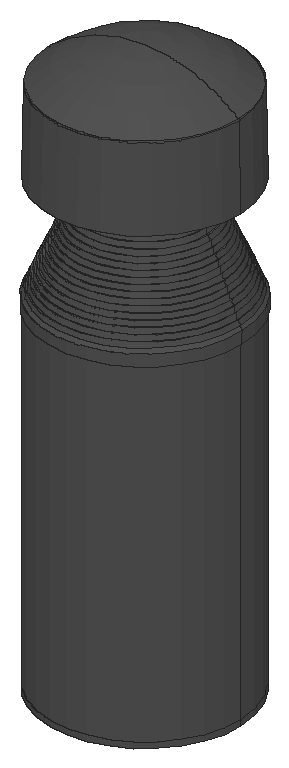
Revit family "0047940 Sylvania Lighting Fixture START Bollard M IP65 1100lm 830 BLK", category Lighting Fixtures, host Face, Revit 2016
Family settings
  Host = Face
  Part Type = Normal
  Round Connector Dimension = Use Diameter
  OmniClass Number = 23.80.70.00
  OmniClass Title = Lighting
  Cut with Voids When Loaded = No
  Light Source = Yes
  Shared = No
  Room Calculation Point = No
Parameters (values of type "0047940 ST BLLRD M IP65 1100LM 830 BLK")
  Weight = "5.5 kg"
  Wattage Comments = ""
  Wattage = 25.46 W
  WarrantyStartDate [instance] = "n/a"
  WarrantyGuarantorParts = "n/a"
  WarrantyDurationUnit = "n/a"
  WarrantyDurationParts = "n/a"
  WarrantyDescription = "n/a"
  built-in parameter 1150110 = 1 (stored number, unit not read)
  Voltage = 0 V
  URL = "http://www.sylvania-lighting.com"
  TypeName = "START Bollard M IP65 1100lm 830 BLK"
  Type Image = <None>
  Type Comments = "n/a"
  built-in parameter 1114217 = 1 (stored number, unit not read)
  Tilt Angle = 90.00°
  built-in parameter 1150109 = 1 (stored number, unit not read)
  built-in parameter 1150134 = (empty or 0)
  built-in parameter 1150113 = 1 (stored number, unit not read)
  SerialNumber [instance] = "n/a"
  Photometric Web File = "0047940.ies"
  Material_3_FEILO = none
  PowerFactor = 0
  PowerConsumption = "25.46 W"
  NominalLength = 168 mm
  NominalHeight = 500 mm
  NominalDepth = 168 mm
  Name = "START Bollard M IP65 1100lm 830 BLK"
  ModelReference = Name  # "START Bollard M IP65 1100lm 830 BLK"
  ModelNumber = "0047940"
  Model = Name  # "START Bollard M IP65 1100lm 830 BLK"
  Material = "n/a"
  ManufacturerName = "Feilo Sylvania"
  Manufacturer = "Feilo Sylvania"
  LuminousEfficacy = "43.25 lm/W"
  built-in parameter 1150105 = 327.4 (stored number, unit not read)
  Lumens = 1101.15 lm
  LuminaireType = ""
  built-in parameter 1150115 = 1 (stored number, unit not read)
  LightOutputRatio = "n/a"
  built-in parameter 1150137 = (empty or 0)
  built-in parameter 1150139 = (empty or 0)
  LampsType = Lamp  # "LED"
  LampNominalLuminous = "n/a"
  LampMacAdamStep = "n/a"
  LampColourTemperature = "3000 K"
  LampColourRenderingIndex = "80"
  built-in parameter 1150112 = 1 (stored number, unit not read)
  built-in parameter 1150114 = 1 (stored number, unit not read)
  Lamp = "LED"
  Keynote = "16500"
  InstallationDate [instance] = "n/a"
  InputVoltage = "220-240V~"
  InputNominalFrequency = "50/60 Hz"
  built-in parameter 1150132 = (empty or 0)
  built-in parameter 1150102 = (empty or 0)
  built-in parameter 1150107 = 3000 (stored number, unit not read)
  built-in parameter 1150138 = (empty or 0)
  IngressProtection = "IK10"
  ImpactProtectionIndex = "IP65"
  built-in parameter 1150106 = 3.274 (stored number, unit not read)
  IfcExportType = "IfcLightFixtureType"
  IfcExportAs = "IfcLightFixtureType"
  Height_SYL = 500 mm
  ExpectedLife = 50000
  built-in parameter 1150129 = 120 mm
  Emit Shape Visible in Rendering = no
  ElectricShockClassification = "Class I"
  built-in parameter 1150104 = 4.0181 (stored number, unit not read)
  DurationUnit = "hours"
  DocumentationLiterature = "http://www.sylvania-lighting.com/product/en-int/products/0047940"
  DimmingControlOptions = "Non dimmable"
  Material_2_FEILO = Diffuser-Sylvania-StartBollardIP65
  Dimming Lamp Color Temperature Shift = <None>
  Description = "0"
  Default Elevation = 1219.2 mm
  CreatedOn = "9/20/2018"
  CreatedBy = "@sylvania-lighting.com"
  Cost = 0
  Color Filter = 16777215
  built-in parameter 1114216 [instance] = (empty or 0)
  ClassificationValue = "EF_70_80"
  ClassificationName = "Uniclass2015"
  Material_1_FEILO = Body-Sylvania-StartBollardIP65
  BarCode [instance] = "n/a"
  built-in parameter 1114218 = 1 (stored number, unit not read)
  Emit from Circle Diameter = 3048 mm
  AssetType = "Fixed"
  AssetIdentifier [instance] = "n/a"
  Assembly Code = "D5020200"
  Apparent Load = 25.46 VA
  Material_4_FEILO = none
Reference planes
  plane 1 "Center (Front/Back)": y = 0
  plane 2: z = 0
  plane 3 "Center (Left/Right)": x = 0
  plane 4: z = 5
  plane 5: x = -83.65
  plane 6: z = 500
  plane 7: z = 297
  plane 8: z = 307
  plane 9: x = -84.5
  plane 10: z = 310.3
  plane 11: x = -82.2
  plane 12: z = 314.7
  plane 13: z = 319.1
  plane 14: z = 323.5
  plane 15: z = 327.9
  plane 16: z = 332.3
  plane 17: z = 336.7
  plane 18: z = 341.1
  plane 19: z = 345.5
  plane 20: z = 349.9
  plane 21: z = 354.3
  plane 22: z = 358.7
  plane 23: z = 363.1
  plane 24: z = 367.5
  plane 25: z = 371.9
  plane 26: z = 376.3
  plane 27: z = 380.7
  plane 28: z = 385.1
  plane 29: z = 389.5
  plane 30: z = 393.9
  plane 31: z = 398.3
  plane 32: x = -81.2
  plane 33: x = -80.2
  plane 34: x = -79.2
  plane 35: x = -78.2
  plane 36: x = -77.2
  plane 37: x = -76.2
  plane 38: x = -75.2
  plane 39: x = -74.2
  plane 40: x = -73.2
  plane 41: x = -72.2
  plane 42: x = -71.2
  plane 43: x = -70.2
  plane 44: x = -69.2
  plane 45: x = -68.2
  plane 46: x = -67.2
  plane 47: x = -66.2
  plane 48: x = -65.2
  plane 49: x = -64.2
  plane 50: x = -63.2
  plane 51: x = -62.2
  plane 52: x = -61.2
  plane 53: x = -60.2
  plane 54: x = -59.2
  plane 55: x = -58.2
  plane 56: x = -57.2
  plane 57: x = -56.2
  plane 58: x = -55.2
  plane 59: x = -54.2
  plane 60: x = -53.2
  plane 61: x = -52.2
  plane 62: x = -51.2
  plane 63: x = -50.2
  plane 64: x = -49.2
  plane 65: x = -48.2
  plane 66: x = -47.2
  plane 67: x = -46.2
  plane 68: x = -45.2
  plane 69: x = -44.2
  plane 70: x = -43.2
  plane 71: x = -42.2
  plane 72: z = 470
  plane 73: z = 470.85
  plane 74: z = 428.3
  plane 75: z = 401.3
Forms (mm)
  Revolve 1, solid, material "Body-Sylvania-StartBollardIP65" <- "Material_1_FEILO"
    sketch origin (0, 0, 0) x (1, 0, 0) y (0, 0, 1)
      loop
        line (0, 5) -> (-83.65, 5) -> (-83.65, 0) -> (0, 0) -> (0, 5)
      axis (0, 5) -> (0, 0)
    angle from 360 to 0
  Revolve 2, solid, material "Body-Sylvania-StartBollardIP65" <- "Material_1_FEILO"
    sketch origin (0, 0, 0) x (1, 0, 0) y (0, 0, 1)
      loop
        line (0, 5) -> (0, 307) -> (-84.5, 307) -> (-84.5, 297) -> (-83.65, 297) -> (-83.65, 5) -> (0, 5)
      axis (0, 307) -> (0, 5)
    angle from 360 to 0
  Revolve 3, solid, material "Body-Sylvania-StartBollardIP65" <- "Material_1_FEILO", detail levels medium+fine
    sketch origin (0, 0, 0) x (1, 0, 0) y (0, 0, 1)
      loop
        line (-84.5, 307) -> (0, 307) -> (0, 428.3) -> (-43.2, 428.3) -> (-43.2, 398.3) -> (-44.2, 393.9) -> (-45.2, 393.9) -> (-46.2, 389.5) -> (-47.2, 389.5) -> (-48.2, 385.1) -> (-49.2, 385.1) -> (-50.2, 380.7) -> (-51.2, 380.7) -> (-52.2, 376.3) -> (-53.2, 376.3) -> (-54.2, 371.9) -> (-55.2, 371.9) -> (-56.2, 367.5) -> (-57.2, 367.5) -> (-58.2, 363.1) -> (-59.2, 363.1) -> (-60.2, 358.7) -> (-61.2, 358.7) -> (-62.2, 354.3) -> (-63.2, 354.3) -> (-64.2, 349.9) -> (-65.2, 349.9) -> (-66.2, 345.5) -> (-67.2, 345.5) -> (-68.2, 341.1) -> (-69.2, 341.1) -> (-70.2, 336.7) -> (-71.2, 336.7) -> (-72.2, 332.3) -> (-73.2, 332.3) -> (-74.2, 327.9) -> (-75.2, 327.9) -> (-76.2, 323.5) -> (-77.2, 323.5) -> (-78.2, 319.1) -> (-79.2, 319.1) -> (-80.2, 314.7) -> (-81.2, 314.7) -> (-82.2, 310.3) -> (-84.5, 307)
      axis (0, 428.3) -> (0, 307)
    angle from 360 to 0
  Revolve 4, solid, material "Body-Sylvania-StartBollardIP65" <- "Material_1_FEILO"
    sketch origin (0, 0, 0) x (1, 0, 0) y (0, 0, 1)
      loop
        line (-83.65, 398.3) -> (-80.2, 398.3) -> (-80.2, 428.3) -> (0, 428.3) -> (0, 500)
        arc (0, 500) -> (-43.385, 492.494) -> (-81.727, 470.85) r 129.142
        arc (-81.727, 470.85) -> (-82.074, 470.486) -> (-82.2, 470) r 1
        line (-82.2, 470) -> (-83.65, 398.3)
      axis (0, 500) -> (0, 398.3)
    angle from 360 to 0
  Revolve 5, solid, material "Body-Sylvania-StartBollardIP65" <- "Material_1_FEILO", detail levels coarse
    sketch origin (0, 0, 0) x (1, 0, 0) y (0, 0, 1)
      loop
        line (0, 307) -> (0, 428.3) -> (-43.2, 428.3) -> (-43.2, 398.3) -> (-84.5, 307) -> (0, 307)
      axis (0, 428.3) -> (0, 307)
    angle from 360 to 0
  Revolve 6, solid, material "Diffuser-Sylvania-StartBollardIP65" <- "Material_2_FEILO"
    sketch origin (0, 0, 0) x (1, 0, 0) y (0, 0, 1)
      loop
        line (-80.2, 401.3) -> (-80.2, 398.3) -> (-43.2, 398.3) -> (-43.2, 401.3) -> (-80.2, 401.3)
      axis (0, 401.3) -> (0, 398.3)
    angle from 360 to 0
Dimensions and locks
  locked: plane 4 to plane 2 at 5
  plane 3 "Center (Left/Right)" to plane 5 = 83.65 mm
  "Height_SYL": plane 6 to plane 2
  locked: plane 3 "Center (Left/Right)" to plane 9 at 84.5
  plane 3 "Center (Left/Right)" to plane 11 = 82.2 mm
  locked: plane 11 to plane 9 at 2.3
  plane 10 to plane 8 to plane 7 = 3.3 mm locked, 10 mm locked
  plane 5 to plane 9 = 0.85 mm
  equal spacing: plane 31, plane 30, plane 29, plane 28, plane 27, plane 26, plane 25, plane 24, plane 23, plane 22, plane 21, plane 20, plane 19, plane 18, plane 17, plane 16, plane 15, plane 14, plane 13, plane 12, plane 10, locked at 4.4 each
  locked: plane 31 to plane 8 at 91.3
  equal spacing: plane 67, plane 66, plane 65, plane 64, plane 63, plane 62, plane 61, plane 60, plane 59, plane 58, plane 57, plane 56, plane 55, plane 54, plane 53, plane 52, plane 51, plane 50, plane 49, plane 48, plane 47, plane 46, plane 45, plane 44, plane 43, plane 42, plane 41, plane 40, plane 39, plane 38, plane 37, plane 36, plane 35, plane 34, plane 33, plane 32, plane 11
  equal spacing: plane 70, plane 69, plane 68, plane 67
  locked: plane 71 to plane 70 at 1
  locked: plane 67 to plane 11 at 36
  locked: plane 70 to plane 67 at 3
  locked: plane 6 to plane 72 at 30
  locked: plane 73 to plane 72 at 0.85
  locked: plane 74 to plane 31 at 30
  locked: plane 75 to plane 31 at 3
  locked: plane 6 to plane 7 at 203
  aligned and locked: plane 2 to host face
  aligned and locked: level to host face
  aligned and locked: Revolve 1 sketch curve to plane 3 "Center (Left/Right)"
  aligned and locked: plane 4 to Revolve 1 sketch curve
  aligned and locked: plane 3 "Center (Left/Right)" to Revolve 1 sketch curve
  aligned and locked: Revolve 1 sketch curve to level
  aligned and locked: Revolve 1 sketch curve to plane 5
  aligned and locked: Revolve 2 sketch curve to plane 3 "Center (Left/Right)"  (x2)
  aligned and locked: plane 3 "Center (Left/Right)" to Revolve 2 sketch curve
  aligned and locked: Revolve 2 sketch curve to Revolve 1  (x2)
  aligned and locked: plane 8 to Revolve 2 sketch curve
  aligned and locked: plane 9 to Revolve 2 sketch curve
  aligned and locked: Revolve 3 sketch curve to Revolve 2  (x2)
  aligned and locked: plane 11 to Revolve 3 sketch curve
  aligned and locked: plane 12 to Revolve 3 sketch curve
  aligned and locked: plane 34 to Revolve 3 sketch curve
  aligned and locked: Revolve 3 sketch curve to plane 13
  aligned and locked: plane 14 to Revolve 3 sketch curve
  aligned and locked: plane 15 to Revolve 3 sketch curve
  aligned and locked: plane 16 to Revolve 3 sketch curve
  aligned and locked: plane 41 to Revolve 3 sketch curve
  aligned and locked: plane 42 to Revolve 3 sketch curve
  aligned and locked: plane 43 to Revolve 3 sketch curve
  aligned and locked: Revolve 3 sketch curve to plane 17
  aligned and locked: plane 44 to Revolve 3 sketch curve
  aligned and locked: Revolve 3 sketch curve to plane 18
  aligned and locked: plane 19 to Revolve 3 sketch curve
  aligned and locked: plane 47 to Revolve 3 sketch curve
  aligned and locked: plane 48 to Revolve 3 sketch curve
  aligned and locked: plane 50 to Revolve 3 sketch curve
  aligned and locked: plane 51 to Revolve 3 sketch curve
  aligned and locked: plane 52 to Revolve 3 sketch curve
  aligned and locked: Revolve 3 sketch curve to plane 22
  aligned and locked: plane 23 to Revolve 3 sketch curve
  aligned and locked: plane 24 to Revolve 3 sketch curve
  aligned and locked: plane 25 to Revolve 3 sketch curve
  aligned and locked: plane 60 to Revolve 3 sketch curve
  aligned and locked: plane 61 to Revolve 3 sketch curve
  aligned and locked: Revolve 3 sketch curve to plane 26
  aligned and locked: plane 27 to Revolve 3 sketch curve
  aligned and locked: plane 64 to Revolve 3 sketch curve
  aligned and locked: plane 65 to Revolve 3 sketch curve
  aligned and locked: Revolve 3 sketch curve to plane 28
  aligned and locked: plane 66 to Revolve 3 sketch curve
  aligned and locked: plane 67 to Revolve 3 sketch curve
  aligned and locked: Revolve 3 sketch curve to plane 29
  aligned and locked: plane 30 to Revolve 3 sketch curve
  aligned and locked: plane 70 to Revolve 3 sketch curve
  aligned and locked: Revolve 2 to Revolve 3 sketch curve
  aligned and locked: Revolve 3 sketch curve to plane 3 "Center (Left/Right)"  (x2)
  aligned and locked: Revolve 4 sketch curve to plane 3 "Center (Left/Right)"  (x2)
  aligned and locked: plane 11 to Revolve 4 sketch curve
  aligned and locked: plane 73 to Revolve 4 sketch curve
  aligned and locked: Revolve 5 sketch curve to plane 3 "Center (Left/Right)"
  aligned and locked: plane 3 "Center (Left/Right)" to Revolve 5 sketch curve  (x2)
  aligned and locked: Revolve 5 sketch curve to Revolve 2  (x2)
  aligned and locked: plane 3 "Center (Left/Right)" to imposter light
  aligned and locked: plane 31 to imposter light
  aligned and locked: imposter light to plane 1 "Center (Front/Back)"
  aligned and locked: Revolve 3 sketch curve to plane 74
  aligned and locked: plane 74 to Revolve 5 sketch curve
  aligned and locked: Revolve 5 sketch curve to Revolve 3  (x2)
  aligned and locked: Revolve 4 sketch curve to plane 31
  aligned and locked: plane 33 to Revolve 4 sketch curve
  aligned and locked: Revolve 4 sketch curve to plane 74
  aligned and locked: Revolve 6 sketch curve to plane 3 "Center (Left/Right)"
  aligned and locked: Revolve 6 sketch curve to plane 75
  aligned and locked: plane 33 to Revolve 6 sketch curve
  aligned and locked: Revolve 6 sketch curve to Revolve 3  (x2)
Automatic sketch dimensions
  host sketch curve to host sketch curve = 2438.4 mm  (x2)
  Revolve 1 sketch curve to level = 609.6 mm
  plane 6 to Revolve 1 sketch curve = 1609.058 mm
  Revolve 2 sketch curve to plane 7 = 0 mm
  Revolve 2 sketch curve to level = 609.6 mm
  plane 6 to Revolve 2 sketch curve = 1609.058 mm
  Revolve 3 sketch curve to plane 32 = 0 mm
  Revolve 3 sketch curve to plane 33 = 0 mm
  Revolve 3 sketch curve to plane 35 = 0 mm
  Revolve 3 sketch curve to plane 36 = 0 mm
  Revolve 3 sketch curve to plane 37 = 0 mm
  Revolve 3 sketch curve to plane 38 = 0 mm
  Revolve 3 sketch curve to plane 39 = 0 mm
  Revolve 3 sketch curve to plane 40 = 0 mm
  Revolve 3 sketch curve to plane 45 = 0 mm
  Revolve 3 sketch curve to plane 46 = 0 mm
  Revolve 3 sketch curve to plane 20 = 0 mm
  Revolve 3 sketch curve to plane 49 = 0 mm
  Revolve 3 sketch curve to plane 53 = 0 mm
  Revolve 3 sketch curve to plane 54 = 0 mm
  Revolve 3 sketch curve to plane 55 = 0 mm
  Revolve 3 sketch curve to plane 56 = 0 mm
  Revolve 3 sketch curve to plane 57 = 0 mm
  Revolve 3 sketch curve to plane 58 = 0 mm
  Revolve 3 sketch curve to plane 59 = 0 mm
  Revolve 3 sketch curve to plane 62 = 0 mm
  Revolve 3 sketch curve to plane 63 = 0 mm
  Revolve 3 sketch curve to plane 68 = 0 mm
  Revolve 3 sketch curve to plane 69 = 0 mm
  Revolve 3 sketch curve to plane 3 "Center (Left/Right)" = 0 mm
  Revolve 3 sketch curve to plane 10 = 0 mm
  Revolve 3 sketch curve to plane 21 = 0 mm
  Revolve 3 sketch curve to plane 31 = 0 mm
  Revolve 3 sketch curve to level = 609.6 mm
  plane 6 to Revolve 3 sketch curve = 1609.058 mm
  Revolve 5 sketch curve to plane 31 = 0 mm
  Revolve 5 sketch curve to level = 609.6 mm
  plane 6 to Revolve 5 sketch curve = 1609.058 mm
  Revolve 4 sketch curve to plane 5 = 0 mm
  Revolve 4 sketch curve to plane 32 = 0 mm
  Revolve 4 sketch curve to plane 72 = 0 mm
  Revolve 4 sketch curve to plane 6 = 0 mm
  Revolve 4 sketch curve to level = 609.6 mm
  Revolve 4 sketch curve to Revolve 4 sketch curve = 1609.058 mm
  Revolve 6 sketch curve to level = 609.6 mm
  plane 6 to Revolve 6 sketch curve = 1609.058 mm
Connectors
  electrical at (0, 0, 0), driven by "Apparent Load", driven by "PowerFactor", driven by "Voltage"
    settings: index 1, voltage 0 V, apparent load 25.46 VA, apparent load phase1 0 VA, apparent load phase2 0 VA, apparent load phase3 0 VA, power factor 0, load classification "Lighting", number of poles 1, system type 30, power factor state 1, is connector primary yes, connector utility no, sub classification motor no, connector description ""
